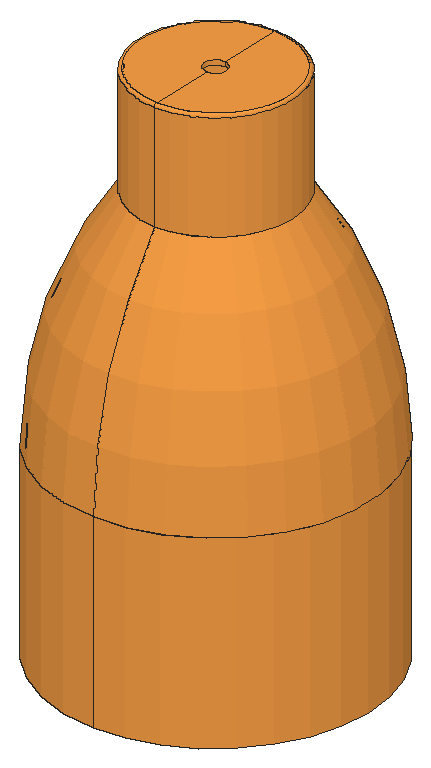
Revit family "PEOB SHADE", category Lighting Fixtures, Revit 2024
Family settings
  Round Connector Dimension = Use Diameter
  Part Type = Normal
  OmniClass Number = 23.80.70.00
  OmniClass Title = Lighting
  Work Plane-Based = No
  Always vertical = Yes
  Cut with Voids When Loaded = No
  Light Source = Yes
  Maintain Annotation Orientation = No
  Shared = No
  Room Calculation Point = No
Parameters
  Wattage = 12.1178 W
  built-in parameter 1150110 = 1 (stored number, unit not read)
  built-in parameter 1114217 = 1 (stored number, unit not read)
  built-in parameter 1150109 = 1 (stored number, unit not read)
  built-in parameter 1150134 = (empty or 0)
  built-in parameter 1150113 = 1 (stored number, unit not read)
  Lumens = 1800 lm
  built-in parameter 1150115 = 1 (stored number, unit not read)
  built-in parameter 1150105 = 572.96 (stored number, unit not read)
  Light Source Symbol Size = 2' - 0"
  built-in parameter 1150137 = (empty or 0)
  built-in parameter 1150139 = (empty or 0)
  built-in parameter 1150112 = 1 (stored number, unit not read)
  built-in parameter 1150114 = 1 (stored number, unit not read)
  built-in parameter 1150132 = 2
  built-in parameter 1150102 = (empty or 0)
  built-in parameter 1150138 = (empty or 0)
  built-in parameter 1150107 = 3000 (stored number, unit not read)
  built-in parameter 1150106 = 5.7296 (stored number, unit not read)
  built-in parameter 1150104 = 13.8 (stored number, unit not read)
  Dimming Lamp Color Temperature Shift = (empty or 0)
  Default Elevation = 0' - 0"
  Color Filter = 16777215
  built-in parameter 1114218 = 1 (stored number, unit not read)
  built-in parameter 1150133 = 10 (stored number, unit not read)
Reference planes (in)
  plane 1 "Light Source Axis (F/B)": y = 0
  plane 2: z = 0
  plane 3 "Light Source Axis (L/R)": x = 0
  plane 4 "Light Source Elevation": z = 84
Forms (in)
  Revolve 1, solid
    sketch origin (0, 0, 0) x (0, 1, 0) y (0, 0, 1)
      loop
        line (0.25, 96) -> (0.25, 95.90625) -> (1.65625, 95.90625) -> (1.65625, 93.46829)
        arc (1.65625, 93.46829) -> (2.95683, 91.03401) -> (3.40625, 88.31091) r 8.47459
        line (3.40625, 88.31091) -> (3.40625, 84) -> (3.5, 84) -> (3.5, 88.31091)
        arc (3.5, 88.31091) -> (3.05072, 91.04903) -> (1.75, 93.5) r 8.56834
        line (1.75, 93.5) -> (1.75, 95.93354)
        arc (1.75, 95.93354) -> (1.73054, 95.98054) -> (1.68354, 96) r 0.06646
        line (1.68354, 96) -> (0.25, 96)
      axis (0, 96) -> (0, 84)
    angle from 0 to 360
Dimensions and locks (in)
  aligned and locked: plane 3 "Light Source Axis (L/R)" to imposter light
  aligned and locked: plane 1 "Light Source Axis (F/B)" to imposter light
  aligned and locked: plane 4 "Light Source Elevation" to imposter light
  aligned and locked: level to plane 2
